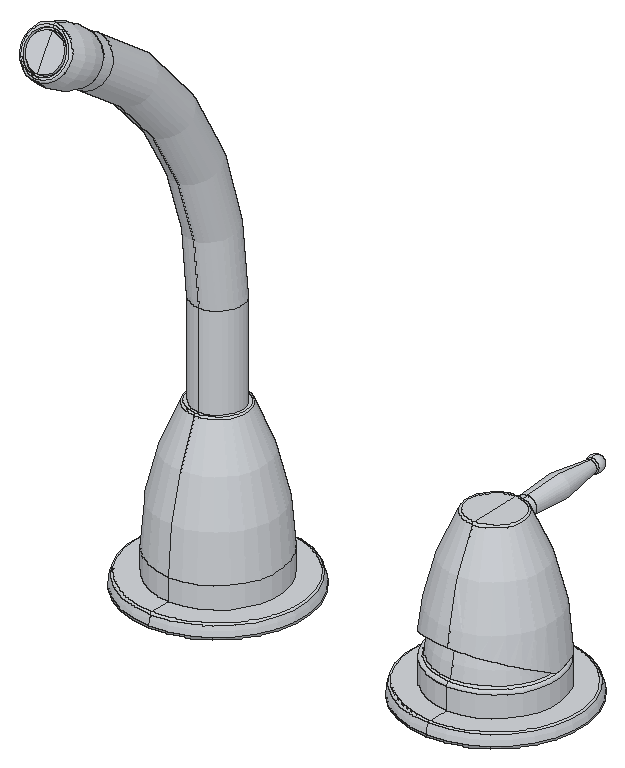
Revit family "Faucet-Lavatory-KOHLER-Falling_Water-K-T196", category Plumbing Fixtures, host Face, Revit 2015
Parameters (values of type "CP-Polished Chrome")
  Width = 6 1/2"  # constant formula
  URL = "http://www.us.kohler.com/us/"
  Type = 1
  Spout reach = 8 1/4"  # constant formula
  Product Page URL = "http://www.us.kohler.com/onlinecatalog/detail.jsp?prod_num=T196"
  Product Name = "Falling Water"  # constant formula
  Product Documentation Link = "http://www.us.kohler.com/onlinecatalog/pdf/K-T196_spec.pdf"
  Pressure = 60.00 psi  # constant formula
  Outlet Connector = ""
  Model = if(Type = 1, "K-T196-CP", if(Type = 2, "K-T196-BN", "NA"))  # "K-T196-CP"
  Material = "Brass Construction"  # constant formula
  MasterFormat 2004 = "22.41.39"  # constant formula
  MasterFormat 1995 = "15410"  # constant formula
  Manufacturer Address = "444 Highland Drive, Kohler, WI 53044"  # constant formula
  Manufacturer = "Kohler"  # constant formula
  Length = 8 17/32"  # constant formula
  Inlet Connector = ""
  Height = 5 3/16"  # constant formula
  HW Connection = yes
  Flow Rate = 1.2 GPM  # constant formula
  Finish = Metal-Kohler-CP-Polished Chrome
  Description = "Falling Water Wall-mount bathroom sink faucet trim with 8-1/4inch spout"  # constant formula
  Default Elevation = 36"
  Date Modified = "09/17/2017"  # constant formula
  Date Created = "08/30/2017"  # constant formula
  Copyright = "Copyright by Kohler Co."  # constant formula
  Contact Us = "https://www.us.kohler.com/us/static/contact.jsp"
  Center Distance = 4"  # constant formula
  CW Connection = yes
  Assembly Code = "D2010900"
  ADA Compliant = yes
Types (2): name | Type | Model | Finish
  CP-Polished Chrome | 1 | "K-T196-CP" | Metal-Kohler-CP-Polished Chrome
  BN-Vibrant Brushed Nickel | 2 | "K-T196-BN" | Metal-Kohler-BN-Vibrant Brushed Nickel
Reference planes (in)
  plane 1 "Center (Front/Back)": y = 0
  plane 2: z = 0
  plane 3 "Center (Left/Right)": x = 0
  plane 4: x = 4
  plane 5: y = 1.9078
  plane 6: y = -3.2797
  plane 7: x = 5.24011
  plane 8: x = -1.25989
  plane 9: z = 8.25
  plane 10: z = 8.53125
Forms (in)
  Extrusion 1, solid, material "Metal-Kohler-CP-Polished Chrome" <- "Finish", detail levels medium+fine
    sketch origin (0, 0, 0) x (0, -1, 0) y (1, 0, 0)
      loop
        circle (0, 4.63505) r 0.13891
      loop
        circle (0, 3.36495) r 0.13891
    from 0 to 0.03561
Dimensions and locks (in)
  "Height": plane 5 to plane 6
  "Spout reach": plane 9 to level
  "Width": plane 7 to plane 8
  "Length": plane 10 to level
  "Center Distance": plane 3 "Center (Left/Right)" to plane 4
  aligned and locked: plane 2 to host face
  aligned and locked: level to host face
Automatic sketch dimensions
  host sketch curve to host sketch curve = 96"  (x2)
  plane 1 "Center (Front/Back)" to Extrusion 1 sketch curve = 0"  (x2)
  plane 4 to Extrusion 1 sketch curve = 0.63505"
  Extrusion 1 sketch curve to plane 7 = 0.60506"
  radius of Extrusion 1 sketch curve = 0.13891"  (x2)
Nested families (in)
  nested 1: "K-T196" at (0, 0, 0) x (0, -1, 0) z (0, 0, 1), type "K-T196"
Connectors (in)
  piping at (3.36495, 0, 0), diameter 0.625, driven by "Flow Rate", driven by "HW Connection", driven by "Inlet Connector"
    settings: on Extrusion 1, index 1, connector inside diameter 24", connector length 0", flow factor 0, pipe flow 1.2 GPM, pressure drop 0.00 psi, fitting loss kfactor 0, connector angle 0.00°, fixture units 0, engagement length 0", angle of deflection 0.00°, flow configuration 0, flow direction 1, fitting loss method 0, system type 19, joint type 0, gender type 0, connector reference index -1, connector utility 1, adjustable connector no, is connector primary yes, connector description ""
  piping at (4.63505, 0, 0), diameter 0.625, driven by "Flow Rate", driven by "CW Connection", driven by "Inlet Connector"
    settings: on Extrusion 1, index 2, connector inside diameter 24", connector length 0", flow factor 0, pipe flow 1.2 GPM, pressure drop 0.00 psi, fitting loss kfactor 0, connector angle 0.00°, fixture units 0, engagement length 0", angle of deflection 0.00°, flow configuration 0, flow direction 1, fitting loss method 0, system type 20, joint type 0, gender type 0, connector reference index -1, connector utility 1, adjustable connector no, is connector primary no, connector description ""
Definition of nested family "K-T196"
  Parameters (values of type "K-T196")
    Material = none
  Reference planes (in)
    plane 1 "Center (Front/Back)": y = 0
    plane 2: z = 0
    plane 3 "Center (Left/Right)": x = 0
    plane 4: y = 4
  Dimensions and locks (in)
    aligned and locked: plane 2 to level
  Nested families (in)
    nested 1: "K-T196-1" at (0, 0, 0), type "K-T196-1"
    nested 2: "K-T196-2" at (0, 4, 0), type "K-T196-2"
  Definition of nested family "K-T196-1"
    Parameters (values of type "K-T196-1")
      Material = none
    Reference planes (in)
      plane 1 "Center (Front/Back)": y = 0
      plane 2: z = 0
      plane 3 "Center (Left/Right)": x = 0
    Forms (in)
      Revolve 1, solid, material <- "Material"
        sketch origin (0, 0, 0) x (1, 0, 0) y (0, 0, 1)
          loop
            line (-1.20901, 0) -> (0, 0) -> (0, 2.4) -> (-0.39344, 2.4)
            arc (-0.39344, 2.4) -> (-0.40868, 2.39572) -> (-0.41945, 2.38412) r 0.02926
            arc (-0.41945, 2.38412) -> (-0.75991, 1.46922) -> (-0.87555, 0.4999) r 4.12007
            line (-0.87555, 0.4999) -> (-0.87555, 0.188) -> (-1.17978, 0.188)
            arc (-1.17978, 0.188) -> (-1.19713, 0.18253) -> (-1.2082, 0.1681) r 0.03024
            arc (-1.2082, 0.1681) -> (-1.22788, 0.10214) -> (-1.23966, 0.03432) r 0.58334
            arc (-1.23966, 0.03432) -> (-1.23202, 0.0103) -> (-1.20901, 0) r 0.03085
          axis (0, 2.4) -> (0, 0)
        angle from 0 to 360
      Sweep 2, solid, material <- "Material"
        path origin (0, 0, 0) x (1, 0, 0) y (0, 0, 1)
          loop
            line (0, 2.23092) -> (0, 3.74304)
            arc (0, 3.74304) -> (0.62986, 6.09372) -> (2.35068, 7.81453) r 4.70135
            line (2.35068, 7.81453) -> (2.52088, 7.9128)
        profile origin (0, 0, 2.98698) x (-1, 0, 0) y (0, -1, 0)
          loop
            circle (0, 0) r 0.34353
      Revolve 3, solid, material <- "Material"
        sketch origin (0, 0, 0) x (1, 0, 0) y (0, 0, 1)
          loop
            arc (2.36146, 8.22399) -> (2.35486, 8.21011) -> (2.35793, 8.19505) r 0.02424
            line (2.35793, 8.19505) -> (2.52088, 7.9128) -> (3.10545, 8.2503) -> (2.97556, 8.47528) -> (2.94046, 8.45502) -> (2.92444, 8.48276) -> (2.95954, 8.50303) -> (2.94408, 8.5298)
            arc (2.94408, 8.5298) -> (2.93055, 8.54177) -> (2.91253, 8.54316) r 0.02844
            arc (2.91253, 8.54316) -> (2.61458, 8.42228) -> (2.36146, 8.22399) r 1.15563
          axis (3.10545, 8.2503) -> (2.52088, 7.9128)
        angle from 0 to 360
    Cuts and joins
      joined: Revolve 1, Sweep 2
    Lines and regions (in)
      Masking region 1
        outline origin (0, 0, 0) x (1, 0, 0) y (0, 0, 1)
          loop
            arc (2.94366, 8.53053) -> (2.93089, 8.54185) -> (2.91389, 8.54324) r 0.02697
            arc (2.91389, 8.54324) -> (2.60699, 8.41837) -> (2.34912, 8.21031) r 1.1369
            arc (2.34912, 8.21031) -> (0.38169, 6.35122) -> (-0.34353, 3.74333) r 5.05157
            line (-0.34353, 3.74333) -> (-0.34353, 2.4) -> (-0.39418, 2.4)
            arc (-0.39418, 2.4) -> (-0.40946, 2.39571) -> (-0.42026, 2.3841) r 0.02934
            arc (-0.42026, 2.3841) -> (-0.7601, 1.47279) -> (-0.87555, 0.50704) r 4.097
            line (-0.87555, 0.50704) -> (-0.87555, 0.188) -> (-1.18066, 0.188)
            arc (-1.18066, 0.188) -> (-1.19716, 0.18281) -> (-1.20769, 0.1691) r 0.02878
            arc (-1.20769, 0.1691) -> (-1.22766, 0.10275) -> (-1.23981, 0.03453) r 0.59756
            arc (-1.23981, 0.03453) -> (-1.23223, 0.01037) -> (-1.20914, 0) r 0.03089
            line (-1.20914, 0) -> (1.20914, 0)
            arc (1.20914, 0) -> (1.23223, 0.01037) -> (1.23981, 0.03453) r 0.03089
            arc (1.23981, 0.03453) -> (1.22766, 0.10275) -> (1.20769, 0.1691) r 0.59756
            arc (1.20769, 0.1691) -> (1.19716, 0.18281) -> (1.18066, 0.188) r 0.02878
            line (1.18066, 0.188) -> (0.87555, 0.188) -> (0.87555, 0.50704)
            arc (0.87555, 0.50704) -> (0.7601, 1.47279) -> (0.42026, 2.3841) r 4.097
            arc (0.42026, 2.3841) -> (0.40946, 2.39571) -> (0.39418, 2.4) r 0.02934
            line (0.39418, 2.4) -> (0.34353, 2.4) -> (0.34353, 3.74333)
            arc (0.34353, 3.74333) -> (0.97673, 6.00775) -> (2.69265, 7.61529) r 4.36556
            arc (2.69265, 7.61529) -> (3.00177, 7.73458) -> (3.26337, 7.93793) r 1.1369
            arc (3.26337, 7.93793) -> (3.27066, 7.95335) -> (3.26724, 7.97007) r 0.02697
            line (3.26724, 7.97007) -> (2.94366, 8.53053)
      Masking region 2
        outline origin (0, 0, 0) x (0, 1, 0) y (0, 0, 1)
          loop
            line (-1.20992, 0) -> (1.20992, 0)
            arc (1.20992, 0) -> (1.23235, 0.01004) -> (1.23982, 0.03345) r 0.03009
            arc (1.23982, 0.03345) -> (1.22798, 0.10185) -> (1.20811, 0.16837) r 0.58418
            arc (1.20811, 0.16837) -> (1.19717, 0.18261) -> (1.18006, 0.188) r 0.02986
            line (1.18006, 0.188) -> (0.87555, 0.188) -> (0.87555, 0.56983)
            arc (0.87555, 0.56983) -> (0.75975, 1.50556) -> (0.41934, 2.38483) r 3.83846
            arc (0.41934, 2.38483) -> (0.40875, 2.39592) -> (0.39397, 2.4) r 0.02879
            line (0.39397, 2.4) -> (0.34353, 2.4) -> (0.34353, 7.84048)
            arc (0.34353, 7.84048) -> (0.39931, 8.10667) -> (0.31925, 8.36659) r 0.54395
            arc (0.31925, 8.36659) -> (0, 8.54503) -> (-0.31925, 8.36659) r 0.37482
            arc (-0.31925, 8.36659) -> (-0.39931, 8.10667) -> (-0.34353, 7.84048) r 0.54395
            line (-0.34353, 7.84048) -> (-0.34353, 2.4) -> (-0.39397, 2.4)
            arc (-0.39397, 2.4) -> (-0.40875, 2.39592) -> (-0.41934, 2.38483) r 0.02879
            arc (-0.41934, 2.38483) -> (-0.75975, 1.50556) -> (-0.87555, 0.56983) r 3.83846
            line (-0.87555, 0.56983) -> (-0.87555, 0.188) -> (-1.18006, 0.188)
            arc (-1.18006, 0.188) -> (-1.19717, 0.18261) -> (-1.20811, 0.16837) r 0.02986
            arc (-1.20811, 0.16837) -> (-1.22798, 0.10185) -> (-1.23982, 0.03345) r 0.58418
            arc (-1.23982, 0.03345) -> (-1.23235, 0.01004) -> (-1.20992, 0) r 0.03009
      Masking region 3
        outline origin (0, 0, 0) x (1, 0, 0) y (0, 1, 0)
          loop
            arc (1.19137, 0.34353) -> (-1.23991, 0) -> (1.19137, -0.34353) r 1.23991
            line (1.19137, -0.34353) -> (2.50446, -0.34353)
            arc (2.50446, -0.34353) -> (2.81194, -0.39484) -> (3.11943, -0.34353) r 0.94702
            arc (3.11943, -0.34353) -> (3.15845, -0.32421) -> (3.18786, -0.29212) r 0.11856
            arc (3.18786, -0.29212) -> (3.27141, 0) -> (3.18786, 0.29212) r 0.55245
            arc (3.18786, 0.29212) -> (3.15845, 0.32421) -> (3.11943, 0.34353) r 0.11856
            arc (3.11943, 0.34353) -> (2.81194, 0.39484) -> (2.50446, 0.34353) r 0.94702
            line (2.50446, 0.34353) -> (1.19137, 0.34353)
      symbolic lines, detail levels medium+fine
        curve 1: line (2.34912, 0, 8.21031) -> (2.69265, 0, 7.61529)
        curve 2: line (-0.34353, 0, 2.4) -> (0.34353, 0, 2.4)
        curve 3: line (-0.87555, 0, 0.188) -> (0.87555, 0, 0.188)
        curve 4: line (0, -0.87555, 0.188) -> (0, 0.87555, 0.188)
        curve 5: line (0, -0.34353, 2.4) -> (0, 0.34353, 2.4)
        curve 6: arc (0.80534, -0.34353, 0) -> (-0.87555, 0, 0) -> (0.80534, 0.34353, 0) r 0.87555
        curve 7: spline (3.23534, 0, 0) -> (3.23092, 0.06724, 0) -> (3.21794, 0.12989, 0) -> (3.1973, 0.1837, 0) -> (3.1704, 0.22498, 0) -> (3.13907, 0.25093, 0) -> (3.10545, 0.25978, 0) -> (3.07183, 0.25093, 0) -> (3.04051, 0.22498, 0) -> (3.0136, 0.1837, 0) -> (2.99296, 0.12989, 0) -> (2.97999, 0.06724, 0) -> (2.97556, 0, 0)
        curve 8: spline (2.97556, 0, 0) -> (2.97999, -0.06724, 0) -> (2.99296, -0.12989, 0) -> (3.0136, -0.1837, 0) -> (3.04051, -0.22498, 0) -> (3.07183, -0.25093, 0) -> (3.10545, -0.25978, 0) -> (3.13907, -0.25093, 0) -> (3.1704, -0.22498, 0) -> (3.1973, -0.1837, 0) -> (3.21794, -0.12989, 0) -> (3.23092, -0.06724, 0) -> (3.23534, 0, 0)
        curve 9: spline (3.25136, 0, 0) -> (3.24639, 0.07553, 0) -> (3.23182, 0.14591, 0) -> (3.20863, 0.20635, 0) -> (3.17841, 0.25273, 0) -> (3.14322, 0.28188, 0) -> (3.10545, 0.29182, 0) -> (3.06769, 0.28188, 0) -> (3.0325, 0.25273, 0) -> (3.00228, 0.20635, 0) -> (2.97909, 0.14591, 0) -> (2.96451, 0.07553, 0) -> (2.95954, 0, 0)
        curve 10: spline (2.95954, 0, 0) -> (2.96451, -0.07553, 0) -> (2.97909, -0.14591, 0) -> (3.00228, -0.20635, 0) -> (3.0325, -0.25273, 0) -> (3.06769, -0.28188, 0) -> (3.10545, -0.29182, 0) -> (3.14322, -0.28188, 0) -> (3.17841, -0.25273, 0) -> (3.20863, -0.20635, 0) -> (3.23182, -0.14591, 0) -> (3.24639, -0.07553, 0) -> (3.25136, 0, 0)
        curve 11: spline (2.49035, 0.33806, 0) -> (2.44997, 0.31289, 0) -> (2.41388, 0.26873, 0) -> (2.38429, 0.20828, 0) -> (2.36298, 0.13519, 0) -> (2.35125, 0.0539, 0) -> (2.3498, -0.03065, 0) -> (2.35874, -0.11335, 0) -> (2.37751, -0.18917, 0) -> (2.40497, -0.25352, 0) -> (2.43947, -0.30249, 0) -> (2.4789, -0.33311, 0) -> (2.52088, -0.34353, 0)
        curve 12: arc (0, -0.34353, 0) -> (-0.34353, 0, 0) -> (0, 0.34353, 0) r 0.34353
        curve 13: line (1.19137, 0.34353, 0) -> (0, 0.34353, 0)
        curve 14: line (1.19137, -0.34353, 0) -> (0, -0.34353, 0)
    Dimensions and locks (in)
      aligned and locked: plane 2 to level
  Definition of nested family "K-T196-2"
    Parameters (values of type "K-T196-2")
      Material = none
    Reference planes (in)
      plane 1 "Center (Front/Back)": y = 0
      plane 2: z = 0
      plane 3 "Center (Left/Right)": x = 0
    Forms (in)
      Revolve 1, solid, material <- "Material"
        sketch origin (0, 0, 0) x (1, 0, 0) y (0, 0, 1)
          loop
            arc (-1.17997, 0.188) -> (-1.19692, 0.18276) -> (-1.20794, 0.16886) r 0.03
            arc (-1.20794, 0.16886) -> (-1.22885, 0.10135) -> (-1.24018, 0.03159) r 0.50705
            arc (-1.24018, 0.03159) -> (-1.23273, 0.00943) -> (-1.21135, 0) r 0.02895
            line (-1.21135, 0) -> (0, 0) -> (0, 1) -> (-0.7, 1)
            arc (-0.7, 1) -> (-0.76799, 0.78721) -> (-0.8031, 0.5666) r 1.47663
            arc (-0.8031, 0.5666) -> (-0.81161, 0.54854) -> (-0.82989, 0.54051) r 0.02847
            arc (-0.82989, 0.54051) -> (-0.86105, 0.52605) -> (-0.87375, 0.49413) r 0.04644
            line (-0.87375, 0.49413) -> (-0.87375, 0.188) -> (-1.17997, 0.188)
          axis (0, 1) -> (0, 0)
        angle from 0 to 360
      Revolve 2, solid, material <- "Material"
        sketch origin (0, 0, 0) x (1, 0, 0) y (0, 0, 1)
          loop
            line (0.00609, 0.60246) -> (0.00609, 2.40443) -> (-0.37164, 2.40443)
            arc (-0.37164, 2.40443) -> (-0.38982, 2.39948) -> (-0.40298, 2.38599) r 0.03586
            arc (-0.40298, 2.38599) -> (-0.74959, 1.52369) -> (-0.87216, 0.60246) r 3.72839
            line (-0.87216, 0.60246) -> (0.00609, 0.60246)
          axis (0.00609, 2.40443) -> (0.00609, 0.60246)
        angle from 0 to 360
      Revolve 3, solid, material <- "Material"
        sketch origin (0, 0, 0) x (1, 0, 0) y (0, 0, 1)
          loop
            arc (-1.73788, 2.29126) -> (-1.85042, 2.29503) -> (-1.9078, 2.19815) r 0.11047
            line (-1.9078, 2.19815) -> (-0.38333, 2.19815) -> (-0.38333, 2.31938)
            arc (-0.38333, 2.31938) -> (-0.47315, 2.32161) -> (-0.56248, 2.33124) r 1.08735
            arc (-0.56248, 2.33124) -> (-1.13732, 2.3627) -> (-1.7079, 2.2861) r 3.06467
            arc (-1.7079, 2.2861) -> (-1.72341, 2.28566) -> (-1.73788, 2.29126) r 0.03926
          axis (-1.9078, 2.19815) -> (-0.38333, 2.19815)
        angle from 0 to 360
      Extrusion 4, void
        sketch origin (0, 0, 0) x (1, 0, 0) y (0, 0, 1)
          loop
            line (0.98083, 1.04764) -> (-0.01917, 0.59191) -> (0.98083, 0.59191) -> (0.98083, 1.04764)
        from -1.01997 to 1.11802
    Cuts and joins
      Extrusion 4 cuts Revolve 2
      joined: Revolve 1, Revolve 2, Revolve 3
    Lines and regions (in)
      Masking region 1
        outline origin (0, 0, 0) x (1, 0, 0) y (0, 0, 1)
          loop
            line (-1.21129, 0) -> (-0.36348, 0) -> (1.21129, 0)
            arc (1.21129, 0) -> (1.23278, 0.00951) -> (1.24019, 0.03181) r 0.02903
            arc (1.24019, 0.03181) -> (1.22869, 0.10137) -> (1.20784, 0.16873) r 0.51732
            arc (1.20784, 0.16873) -> (1.19677, 0.18272) -> (1.17973, 0.188) r 0.03012
            line (1.17973, 0.188) -> (0.87375, 0.188) -> (0.87375, 0.49364)
            arc (0.87375, 0.49364) -> (0.8617, 0.52521) -> (0.83167, 0.54072) r 0.04739
            arc (0.83167, 0.54072) -> (0.81291, 0.54937) -> (0.80302, 0.56751) r 0.03286
            arc (0.80302, 0.56751) -> (0.77644, 0.75201) -> (0.72568, 0.93136) r 1.40539
            line (0.72568, 0.93136) -> (0.86168, 0.99334)
            arc (0.86168, 0.99334) -> (0.70828, 1.71227) -> (0.41485, 2.38628) r 3.67476
            arc (0.41485, 2.38628) -> (0.40177, 2.39961) -> (0.38375, 2.4045) r 0.03564
            line (0.38375, 2.4045) -> (-0.37204, 2.4045)
            arc (-0.37204, 2.4045) -> (-0.39005, 2.39961) -> (-0.40313, 2.38628) r 0.03564
            arc (-0.40313, 2.38628) -> (-0.42185, 2.35246) -> (-0.44022, 2.31844) r 3.67476
            arc (-0.44022, 2.31844) -> (-0.48825, 2.32191) -> (-0.536, 2.32821) r 0.81611
            arc (-0.536, 2.32821) -> (-1.12403, 2.36493) -> (-1.7079, 2.28611) r 3.00257
            arc (-1.7079, 2.28611) -> (-1.72368, 2.28559) -> (-1.73842, 2.29124) r 0.03982
            arc (-1.73842, 2.29124) -> (-1.90732, 2.19839) -> (-1.73842, 2.10555) r 0.10997
            arc (-1.73842, 2.10555) -> (-1.72368, 2.1112) -> (-1.7079, 2.11068) r 0.03982
            arc (-1.7079, 2.11068) -> (-1.13789, 2.03239) -> (-0.56341, 2.06426) r 3.00257
            arc (-0.56341, 2.06426) -> (-0.79286, 1.34922) -> (-0.87216, 0.60246) r 3.67476
            line (-0.87216, 0.60246) -> (-0.79971, 0.60246) -> (-0.80302, 0.56751)
            arc (-0.80302, 0.56751) -> (-0.81291, 0.54937) -> (-0.83167, 0.54072) r 0.03286
            arc (-0.83167, 0.54072) -> (-0.8617, 0.52521) -> (-0.87375, 0.49364) r 0.04739
            line (-0.87375, 0.49364) -> (-0.87375, 0.188) -> (-1.17973, 0.188)
            arc (-1.17973, 0.188) -> (-1.19677, 0.18272) -> (-1.20784, 0.16873) r 0.03012
            arc (-1.20784, 0.16873) -> (-1.22869, 0.10137) -> (-1.24019, 0.03181) r 0.51732
            arc (-1.24019, 0.03181) -> (-1.23278, 0.00951) -> (-1.21129, 0) r 0.02903
      Masking region 2
        outline origin (0, 0, 0) x (0, 1, 0) y (0, 0, 1)
          loop
            line (-0.87826, 0.60246) -> (-0.7997, 0.60246) -> (-0.80279, 0.56816)
            arc (-0.80279, 0.56816) -> (-0.81095, 0.54846) -> (-0.83065, 0.5403) r 0.02786
            arc (-0.83065, 0.5403) -> (-0.86112, 0.52768) -> (-0.87375, 0.4972) r 0.0431
            line (-0.87375, 0.4972) -> (-0.87375, 0.188) -> (-1.18022, 0.188)
            arc (-1.18022, 0.188) -> (-1.19614, 0.18321) -> (-1.20677, 0.17044) r 0.02883
            arc (-1.20677, 0.17044) -> (-1.22931, 0.10189) -> (-1.24011, 0.03055) r 0.43119
            arc (-1.24011, 0.03055) -> (-1.23244, 0.00908) -> (-1.21152, 0) r 0.02865
            line (-1.21152, 0) -> (1.21152, 0)
            arc (1.21152, 0) -> (1.23244, 0.00908) -> (1.24011, 0.03055) r 0.02865
            arc (1.24011, 0.03055) -> (1.22931, 0.10189) -> (1.20677, 0.17044) r 0.43119
            arc (1.20677, 0.17044) -> (1.19614, 0.18321) -> (1.18022, 0.188) r 0.02883
            line (1.18022, 0.188) -> (0.87375, 0.188) -> (0.87375, 0.4972)
            arc (0.87375, 0.4972) -> (0.86112, 0.52768) -> (0.83065, 0.5403) r 0.0431
            arc (0.83065, 0.5403) -> (0.81095, 0.54846) -> (0.80279, 0.56816) r 0.02786
            line (0.80279, 0.56816) -> (0.7997, 0.60246) -> (0.87826, 0.60246)
            arc (0.87826, 0.60246) -> (0.75552, 1.52359) -> (0.4089, 2.3858) r 3.73007
            arc (0.4089, 2.3858) -> (0.39534, 2.3997) -> (0.3766, 2.4048) r 0.03695
            line (0.3766, 2.4048) -> (-0.3766, 2.4048)
            arc (-0.3766, 2.4048) -> (-0.39534, 2.3997) -> (-0.4089, 2.3858) r 0.03695
            arc (-0.4089, 2.3858) -> (-0.75552, 1.52359) -> (-0.87826, 0.60246) r 3.73007
      Masking region 3
        outline origin (0, 0, 0) x (1, 0, 0) y (0, 1, 0)
          loop
            arc (-1.23038, -0.15876) -> (1.24058, 0) -> (-1.23038, 0.15876) r 1.24058
            arc (-1.23038, 0.15876) -> (-1.47104, 0.13335) -> (-1.70882, 0.08836) r 2.95828
            arc (-1.70882, 0.08836) -> (-1.72512, 0.08782) -> (-1.7404, 0.09349) r 0.04217
            arc (-1.7404, 0.09349) -> (-1.90741, 0) -> (-1.7404, -0.09349) r 0.10967
            arc (-1.7404, -0.09349) -> (-1.72512, -0.08782) -> (-1.70882, -0.08836) r 0.04217
            arc (-1.70882, -0.08836) -> (-1.47104, -0.13335) -> (-1.23038, -0.15876) r 2.95828
      symbolic lines, detail levels medium+fine
        curve 1: line (-0.79971, 0, 0.60246) -> (0.00397, 0, 0.60246)
        curve 2: line (0.00397, 0, 0.60246) -> (0.72726, 0, 0.93208)
        curve 3: line (-0.87375, 0, 0.188) -> (0.87375, 0, 0.188)
        curve 4: arc (-0.56158, 0, 2.06519) -> (-0.50311, 0, 2.19393) -> (-0.43885, 0, 2.31988) r 3.10704
        curve 5: line (0, 0.87375, 0.188) -> (0, -0.87375, 0.188)
        curve 6: line (0, 0.79811, 0.60244) -> (0, -0.79971, 0.60246)
        curve 7: arc (-0.85857, 0.16214, 0) -> (0.87375, 0, 0) -> (-0.85857, -0.16214, 0) r 0.87375
        curve 8: arc (-1.23038, 0.15876, 0) -> (-0.85857, 0.16214, 0) -> (-0.48864, 0.12456, 0) r 3.37201
        curve 9: arc (-0.45237, 0.0946, 0) -> (-0.43885, 0, 0) -> (-0.45237, -0.0946, 0) r 0.33762
        curve 10: arc (-1.23038, -0.15876, 0) -> (-0.85857, -0.16214, 0) -> (-0.48864, -0.12456, 0) r 3.37201
        curve 11: arc (-0.48864, 0.12456, 0) -> (-0.46641, 0.11454, 0) -> (-0.45237, 0.0946, 0) r 0.04621
        curve 12: arc (-0.48864, -0.12456, 0) -> (-0.46641, -0.11454, 0) -> (-0.45237, -0.0946, 0) r 0.04621
        curve 13: circle (0, 0, 0) r 0.41175 normal (0, 0, 1)
    Dimensions and locks (in)
      aligned and locked: plane 2 to level
